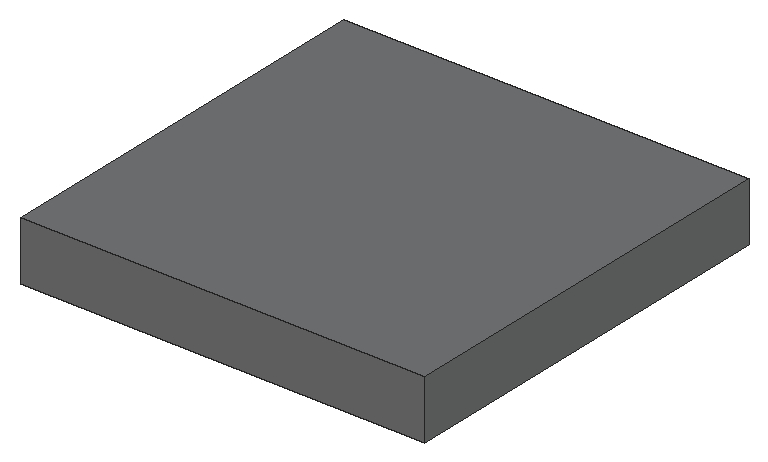
Revit family "Gira_536101", category Electrical Fixtures, host Face, Revit 2017
Family settings
  Host = Face
  Maintain Annotation Orientation = No
  Round Connector Dimension = Use Diameter
  Part Type = Normal
  Cut with Voids When Loaded = No
  Shared = No
  Room Calculation Point = No
Parameters (values of type "S3000 Bedienaufs. Pfeilsymbole System 55 Cremeweiß")
  Werkstoffgüte = "sonstige"
  Werkstoff = "sonstige"
  URL = "http://katalog.gira.de/de_DE/datenblatt.html?artikelnr=536101"
  Transparent = "No"
  Region = "DE"
  RAL-Nummer (ähnlich) = "1013 "
  Oberfläche = "sonstige"
  Name = "S3000 Bedienaufs. Pfeilsymbole System 55 Cremeweiß"
  Mit LED-Anzeige = "No"
  Mit Abdeckung = "Yes"
  Manufacturer URL = "https://www.gira.de/"
  Keynote = "Sys55_Abdeckung_Schalten und Tasten"
  HeinzeBIM = "https://bimportal.heinze.de/bim/s3000-bedienaufs-pfeilsymbole-system-55-cremeweiss/a584db33356982be8c25128f3d16628d0bf558b8"
  Halogenfrei = "Yes"
  HAN = "536101"
  Geeignet für Schalteinsatz = "No"
  Geeignet für Jalousieeinsatz = "Yes"
  Geeignet für Dimmeinsatz = "No"
  GTIN = "4010337027270"
  Farbe = "cremeweiß (elektroweiß)"
  Default Elevation = 1219.2 mm
  Data sheet (1) = "https://katalog.gira.de/de_DE/download.html?artikelnr=536101"
  Category = "Bedienelement intelligent"
  Available = "Yes"
  Ausführung der Oberfläche = "glänzend"
  Anzahl der Tasten = "1 "
  Anzahl der Betätigungspunkte = "2 "
  Anwendung = "Steuern elektrischer Verbraucher"
  Anthrazit [instance] = Anthrazit
Reference planes
  plane 1 "Center (Front/Back)": y = 0
  plane 2: z = 0
  plane 3 "Center (Left/Right)": x = 0
Forms (mm)
  Extrusion 1, solid, material "Anthrazit" <- "Anthrazit", detail levels fine
    sketch origin (0, 0, 0) x (1, 0, 0) y (0, 1, 0)
      loop
        line (-27.5, 27.5) -> (-27.5, -27.5) -> (27.5, -27.5) -> (27.5, 27.5) -> (-27.5, 27.5)
    from 0 to 8
  Extrusion 2, void
    sketch origin (0, 0, 0) x (1, 0, 0) y (0, 1, 0)
      loop
        line (26, 26) -> (-26, 26) -> (-26, -26) -> (26, -26) -> (26, 26)
    from 0 to 6
  Extrusion 3, solid, material "Anthrazit" <- "Anthrazit", detail levels medium
    sketch origin (0, 0, 0) x (1, 0, 0) y (0, 1, 0)
      loop
        line (-27.5, 27.5) -> (-27.5, -27.5) -> (27.5, -27.5) -> (27.5, 27.5) -> (-27.5, 27.5)
    from 0 to 8
  Extrusion 4, solid, material "Anthrazit" <- "Anthrazit", detail levels medium
    sketch origin (0, 0, 0) x (1, 0, 0) y (0, 1, 0)
      loop
        line (11, -17.5) -> (11, 17.5) -> (-11, 17.5) -> (-11, -17.5) -> (11, -17.5)
    from -6 to 6
  Extrusion 5, solid, material "Anthrazit" <- "Anthrazit", detail levels fine
    sketch origin (0, 0, 0) x (1, 0, 0) y (0, 1, 0)
      loop
        line (11, 17.5) -> (-11, 17.5) -> (-11, 16.5) -> (11, 16.5) -> (11, 17.5)
      loop
        line (-11, -16.5) -> (-11, -17.5) -> (11, -17.5) -> (11, -16.5) -> (-11, -16.5)
    from -4 to 6
  Extrusion 6, solid, material "Anthrazit" <- "Anthrazit", detail levels fine
    sketch origin (0, 0, 0) x (1, 0, 0) y (0, 1, 0)
      loop
        arc (5, 9.347) -> (0, 10.6) -> (-5, 9.347) r 10.6
        line (-5, 9.347) -> (-5, -9.347)
        arc (-5, -9.347) -> (0, -10.6) -> (5, -9.347) r 10.6
        line (5, -9.347) -> (5, 9.347)
    from -6 to 6
  Extrusion 7, solid, material "Anthrazit" <- "Anthrazit", detail levels coarse
    sketch origin (0, 0, 0) x (1, 0, 0) y (0, 1, 0)
      loop
        line (-27.5, 27.5) -> (-27.5, -27.5) -> (27.5, -27.5) -> (27.5, 27.5) -> (-27.5, 27.5)
    from -6 to 8
Cuts and joins
  Extrusion 2 cuts Extrusion 1
Dimensions and locks
  aligned and locked: plane 2 to host face
  aligned and locked: level to host face
